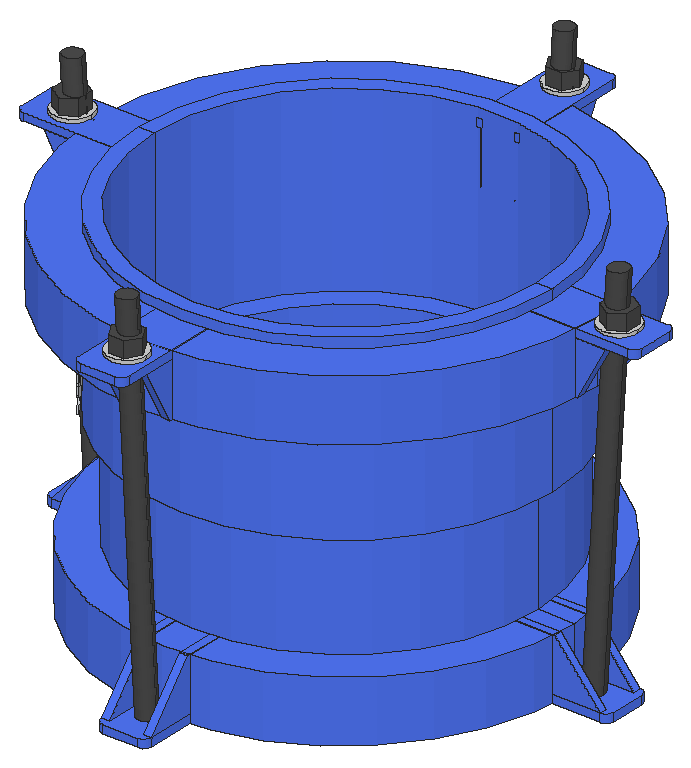
Revit family "602-1-002-DN65-200", category Pipe Accessories, Revit 2019
Family settings
  Round Connector Dimension = Use Diameter
  Part Type = Valve - Breaks Into
  Work Plane-Based = No
  Always vertical = Yes
  Cut with Voids When Loaded = No
  Shared = No
Parameters (values of type "DN200-200_193-215")
  W2(Addon) = W2 * 1.025  # 177.838 mm
  W2 = (D3 / 2) - 5 mm  # 173.5 mm
  W1 = 32 mm  # constant formula
  URL_product_pages = "https://www.avkvalves.com/P.aspx?no=6021191576100"
  Search_Table = "602-1-002-DN65-200"
  PCD/2 = PCD / 2  # 157.5 mm
  PCD(Addon) = PCD / 2 * 1.1  # 173.25 mm
  PCD = size_lookup(Search_Table, "PCD", 0 mm, DN)  # 315 mm
  L1 = size_lookup(Search_Table, "L1", 0 mm, DN)  # 140 mm
  L = size_lookup(Search_Table, "L", 0 mm, DN)  # 257 mm
  ID = DN / 2  # 100.05 mm
  F = 5 mm  # constant formula
  Description_ = "AVK UNIVERSAL SUPA® STEP COUPLING"
  DN225 = no
  DN200 = yes
  DN175 = no
  DN150 = no
  DN125 = no
  DN065 = no
  DN200-200_193-215 = "602-215-242-6100"
  DN150-200_176-201 = "602-201-242-6100"
  DN150-200_ 176-201 = "602-201-215-6100"
  DN150-150_157-183 = "602-183-201-6100"
  DN125-150_132-157 = "602-157-183-6100"
  DN100-150_109-133 = "602-133-183-6100"
  DN100-125_99-119 = "602-133-157-6100"
  DN100-125_109-113 = "602-119-157-6100"
  DN100-100_99-119 = "602-119-133-6100"
  DN100-100_84-106 = "602-106-133-6100"
  DN100 = no
  DN080-100_84-106 = "602-106-119-6100"
  DN080 = no
  DN065-80_68-85 = "602-085-106-6100"
  DN = 200.1 mm
  D4(Addon) = size_lookup(Search_Table, "D4(Addon)", 0 mm, DN) / 2  # 117.5 mm
  D3(Addon) = D3 * 1.1  # 392.7 mm
  D3 = size_lookup(Search_Table, "D3", 0 mm, DN)  # 357 mm
  D2(Addon) = size_lookup(Search_Table, "D2(Addon)", 0 mm, DN) / 2  # 131 mm
  D2 = Cut + 1 mm  # 122 mm
  D(Adddon) = D * 1.1  # 159.5 mm
  D = size_lookup(Search_Table, "D1", 0 mm, DN) / 2  # 145 mm
  Cut_4 = Cut_3 / 2  # 107.5 mm
  Cut_3 = size_lookup(Search_Table, "Cut3", 0 mm, DN)  # 215 mm
  Cut_2 = size_lookup(Search_Table, "Cut", 0 mm, DN)  # 242 mm
  Cut = size_lookup(Search_Table, "Cut", 0 mm, DN) / 2  # 121 mm
  Body_height_ref = Body_height - 12 mm  # 218 mm
  Body_height = size_lookup(Search_Table, "Body_height", 0 mm, DN)  # 230 mm
  B2 = Body_height / 2  # 115 mm
Types (13, lengths in mm): name | W2(Addon) | W2 | PCD/2 | PCD(Addon) | PCD | L1 | L | ID | DN200 | DN150 | DN125 | DN065 | DN100 | DN080 | DN | D4(Addon) | D3(Addon) | D3 | D2(Addon) | D2 | D(Adddon) | D | Cut_4 | Cut_3 | Cut_2 | Cut | Body_height_ref | Body_height | B2
  (no name) | 177.838 | 173.5 | 157.5 | 173.25 | 315 | 140 | 257 | 100.05 | yes | no | no | no | no | no | 200.1 | 117.5 | 392.7 | 357 | 131 | 122 | 159.5 | 145 | 107.5 | 215 | 242 | 121 | 218 | 230 | 115
  DN065-80_68-85 | 107.625 | 105 | 92.5 | 101.75 | 185 | 100 | 217 | 32.5 | no | no | no | yes | no | no | 65 | 52.5 | 242 | 220 | 63 | 54 | 88 | 80 | 42.5 | 85 | 106 | 53 | 178 | 190 | 95
  DN080-100_84-106 | 110.7 | 108 | 95 | 104.5 | 190 | 100 | 217 | 40 | no | no | no | no | no | yes | 80 | 63 | 248.6 | 226 | 69.5 | 60.5 | 84.7 | 77 | 53 | 106 | 119 | 59.5 | 178 | 190 | 95
  DN100-100_84-106 | 119.925 | 117 | 104 | 114.4 | 208 | 100 | 217 | 50 | no | no | no | no | yes | no | 100 | 63 | 268.4 | 244 | 76.5 | 67.5 | 102.3 | 93 | 53 | 106 | 133 | 66.5 | 183 | 195 | 97.5
  DN100-100_99-119 | 119.925 | 117 | 104 | 114.4 | 208 | 100 | 217 | 50.05 | no | no | no | no | yes | no | 100.1 | 69.5 | 268.4 | 244 | 76.5 | 67.5 | 102.3 | 93 | 59.5 | 119 | 133 | 66.5 | 183 | 195 | 97.5
  DN125-150_132-157 | 148.625 | 145 | 132.5 | 145.75 | 265 | 115 | 237 | 75.05 | no | yes | no | no | no | no | 150.1 | 88.5 | 330 | 300 | 101.5 | 92.5 | 132 | 120 | 78.5 | 157 | 183 | 91.5 | 198 | 210 | 105
  DN150-150_157-183 | 162.462 | 158.5 | 132.5 | 145.75 | 265 | 115 | 237 | 87.5 | no | yes | no | no | no | no | 175 | 101.5 | 359.7 | 327 | 110.5 | 101.5 | 134.75 | 122.5 | 91.5 | 183 | 201 | 100.5 | 198 | 210 | 105
  DN150-200_176-201 | 177.838 | 173.5 | 157.5 | 173.25 | 315 | 140 | 257 | 100 | yes | no | no | no | no | no | 200 | 110.5 | 392.7 | 357 | 131 | 122 | 159.5 | 145 | 100.5 | 201 | 242 | 121 | 218 | 230 | 115
  DN200-200_193-215 | 177.838 | 173.5 | 157.5 | 173.25 | 315 | 140 | 257 | 100.05 | yes | no | no | no | no | no | 200.1 | 117.5 | 392.7 | 357 | 131 | 122 | 159.5 | 145 | 107.5 | 215 | 242 | 121 | 218 | 230 | 115
  DN100-125_109-113 | 133.25 | 130 | 117.5 | 129.25 | 235 | 100 | 217 | 50.1 | no | no | yes | no | no | no | 100.2 | 69.5 | 297 | 270 | 88.5 | 79.5 | 102.3 | 93 | 59.5 | 119 | 157 | 78.5 | 183 | 195 | 97.5
  DN100-125_99-119 | 133.25 | 130 | 117.5 | 129.25 | 235 | 100 | 217 | 62.5 | no | no | yes | no | no | no | 125 | 76.5 | 297 | 270 | 88.5 | 79.5 | 116.6 | 106 | 66.5 | 133 | 157 | 78.5 | 183 | 195 | 97.5
  DN100-150_109-133 | 148.625 | 145 | 132.5 | 145.75 | 265 | 115 | 237 | 75 | no | yes | no | no | no | no | 150 | 76.5 | 330 | 300 | 101.5 | 92.5 | 132 | 120 | 66.5 | 133 | 183 | 91.5 | 198 | 210 | 105
  DN150-200_ 176-201 | 162.462 | 158.5 | 132.5 | 145.75 | 265 | 115 | 237 | 87.55 | no | yes | no | no | no | no | 175.1 | 110.5 | 359.7 | 327 | 117.5 | 108.5 | 134.75 | 122.5 | 100.5 | 201 | 215 | 107.5 | 198 | 210 | 105
Reference planes
  plane 1 "Center (Front/Back)": y = 0
  plane 2: z = 0
  plane 3 "Center (Left/Right)": x = 0
  plane 4: y = 196.35
  plane 5: x = -16
  plane 6: x = 16
  plane 7: y = 16
  plane 8: y = 16
  plane 9: x = 196.35
  plane 10: y = -16
  plane 11: y = -16
  plane 12: x = -16
  plane 13: y = -196.35
  plane 14: x = 16
  plane 15: x = -11
  plane 16: y = 191.35
  plane 17: x = 11
  plane 18: y = 191.35
  plane 19: x = 191.35
  plane 20: y = 11
  plane 21: y = -11
  plane 22: x = 191.35
  plane 23: x = -191.35
  plane 24: y = 11
  plane 25: y = -11
  plane 26: x = -191.35
  plane 27: y = -191.35
  plane 28: x = 11
  plane 29: x = -11
  plane 30: y = -191.35
  plane 31: x = -196.35
  plane 32: y = -16
  plane 33: y = 16
  plane 34: x = 16
  plane 35: x = -16
  plane 36: x = 157.5
  plane 37: x = -157.5
  plane 38: y = 157.5
  plane 39: y = -157.5
  plane 40: z = 109
  plane 41: z = -109
  plane 42: z = -115
  plane 43: z = 142
  plane 44: y = -160
  plane 45: z = 121
  plane 46: x = -16
  plane 47: x = 16
  plane 48: y = 16
  plane 49: y = -16
  plane 50: x = -173.5
  plane 51: x = -173.5
  plane 52: y = 173.5
  plane 53: y = 173.5
  plane 54: y = -173.5
  plane 55: y = -173.5
  plane 56: x = 173.5
  plane 57: x = 173.5
  plane 58: y = 178.5
  plane 59: y = -178.5
  plane 60: x = 178.5
  plane 61: x = -178.5
  plane 62: x = -11
  plane 63: x = 11
  plane 64: x = -11
  plane 65: x = 11
  plane 66: y = 11
  plane 67: y = -11
  plane 68: y = 11
  plane 69: y = -11
  plane 70: x = -101.75
  plane 71: x = -92.08
  plane 72: x = -126.587
  plane 73: x = -173.25
  plane 74: x = -169.63
Forms (mm)
  Revolve 1, solid, material "Plastic"
    sketch origin (0, 0, 0) x (1, 0, 0) y (0, 0, 1)
      loop
        line (0, 115) -> (0, -115) -> (117.5, -115) -> (117.5, -109) -> (145, -109) -> (145, -70) -> (122, -70) -> (122, 0) -> (131, 0) -> (131, 70) -> (159.5, 70) -> (159.5, 109) -> (131, 109) -> (131, 115) -> (0, 115)
      axis (0, -115) -> (0, 115)
    angle from 0 to 360
  Extrusion 2, solid, material "Plastic"
    sketch origin (0, 0, 0) x (1, 0, 0) y (0, 1, 0)
      loop
        arc (-11, 196.35) -> (-14.536, 194.886) -> (-16, 191.35) r 5
        line (-16, 191.35) -> (-16, 16) -> (-191.35, 16)
        arc (-191.35, 16) -> (-194.886, 14.536) -> (-196.35, 11) r 5
        line (-196.35, 11) -> (-196.35, -11)
        arc (-196.35, -11) -> (-194.886, -14.536) -> (-191.35, -16) r 5
        line (-191.35, -16) -> (-16, -16) -> (-16, -191.35)
        arc (-16, -191.35) -> (-14.536, -194.886) -> (-11, -196.35) r 5
        line (-11, -196.35) -> (11, -196.35)
        arc (11, -196.35) -> (14.536, -194.886) -> (16, -191.35) r 5
        line (16, -191.35) -> (16, -16) -> (191.35, -16)
        arc (191.35, -16) -> (194.886, -14.536) -> (196.35, -11) r 5
        line (196.35, -11) -> (196.35, 11)
        arc (196.35, 11) -> (194.886, 14.536) -> (191.35, 16) r 5
        line (191.35, 16) -> (16, 16) -> (16, 191.35)
        arc (16, 191.35) -> (14.536, 194.886) -> (11, 196.35) r 5
        line (11, 196.35) -> (-11, 196.35)
    from 104 to 109
  Extrusion 3, solid, material "Plastic"
    sketch origin (0, 0, 0) x (1, 0, 0) y (0, 1, 0)
      loop
        line (16, 16) -> (16, 173.5)
        arc (16, 173.5) -> (14.536, 177.036) -> (11, 178.5) r 5
        line (11, 178.5) -> (-11, 178.5)
        arc (-11, 178.5) -> (-14.536, 177.036) -> (-16, 173.5) r 5
        line (-16, 173.5) -> (-16, 16) -> (-173.5, 16)
        arc (-173.5, 16) -> (-177.036, 14.536) -> (-178.5, 11) r 5
        line (-178.5, 11) -> (-178.5, -11)
        arc (-178.5, -11) -> (-177.036, -14.536) -> (-173.5, -16) r 5
        line (-173.5, -16) -> (-16, -16) -> (-16, -173.5)
        arc (-16, -173.5) -> (-14.536, -177.036) -> (-11, -178.5) r 5
        line (-11, -178.5) -> (11, -178.5)
        arc (11, -178.5) -> (14.536, -177.036) -> (16, -173.5) r 5
        line (16, -173.5) -> (16, -16) -> (173.5, -16)
        arc (173.5, -16) -> (177.036, -14.536) -> (178.5, -11) r 5
        line (178.5, -11) -> (178.5, 11)
        arc (178.5, 11) -> (177.036, 14.536) -> (173.5, 16) r 5
        line (173.5, 16) -> (16, 16)
    from -109 to -104
  Extrusion 4, solid, material "Plastic"
    sketch origin (0, 0, 0) x (1, 0, 0) y (0, 0, 1)
      loop
        line (-177.838, 104) -> (-159.5, 70) -> (159.5, 70) -> (177.838, 104) -> (-177.838, 104)
      loop
        line (-173.5, -104) -> (173.5, -104) -> (145, -70) -> (-145, -70) -> (-173.5, -104)
    from 11 to 16
  Extrusion 5, solid, material "Plastic"
    sketch origin (0, 0, 0) x (1, 0, 0) y (0, 0, 1)
      loop
        line (-177.838, 104) -> (-159.5, 70) -> (159.5, 70) -> (177.838, 104) -> (-177.838, 104)
      loop
        line (145, -70) -> (-145, -70) -> (-173.5, -104) -> (173.5, -104) -> (145, -70)
    from -16 to -11
  Extrusion 6, solid, material "Plastic"
    sketch origin (0, 0, 0) x (0, 1, 0) y (0, 0, 1)
      loop
        line (145, -70) -> (-145, -70) -> (-173.5, -104) -> (173.5, -104) -> (145, -70)
      loop
        line (177.838, 104) -> (-177.838, 104) -> (-159.5, 70) -> (159.5, 70) -> (177.838, 104)
    from 16 to 11
  Extrusion 7, solid, material "Plastic"
    sketch origin (0, 0, 0) x (0, 1, 0) y (0, 0, 1)
      loop
        line (177.838, 104) -> (-177.838, 104) -> (-159.5, 70) -> (159.5, 70) -> (177.838, 104)
      loop
        line (173.5, -104) -> (145, -70) -> (-145, -70) -> (-173.5, -104) -> (173.5, -104)
    from -16 to -11
  Extrusion 8, solid, material "Stainless Steel AISI 304(1)"
    sketch origin (0, 0, 0) x (1, 0, 0) y (0, 1, 0)
      loop
        circle (-173.25, 0) r 12
      loop
        circle (173.25, 0) r 12
      loop
        circle (0, 173.25) r 12
      loop
        circle (0, -173.25) r 12
    from 109 to 111
  Revolve 9, solid, material "Stainless Steel AISI 304"
    sketch origin (0, 0, 0) x (1, 0, 0) y (0, 0, 1)
      loop
        line (157.5, -109) -> (157.5, -115)
        arc (157.5, -115) -> (165.585, -113.461) -> (172.5, -109) r 21.517
        line (172.5, -109) -> (157.5, -109)
      axis (157.5, -115) -> (157.5, -109)
    angle from 0 to 360
  Revolve 10, solid, material "Stainless Steel AISI 304"
    sketch origin (0, 0, 0) x (-1, 0, 0) y (0, 0, 1)
      loop
        line (157.5, -109) -> (157.5, -115)
        arc (157.5, -115) -> (165.585, -113.461) -> (172.5, -109) r 21.517
        line (172.5, -109) -> (157.5, -109)
      axis (157.5, -115) -> (157.5, -109)
    angle from 0 to 360
  Revolve 11, solid, material "Stainless Steel AISI 304"
    sketch origin (0, 0, 0) x (0, 1, 0) y (0, 0, 1)
      loop
        line (-157.5, -109) -> (-172.5, -109)
        arc (-172.5, -109) -> (-165.616, -113.539) -> (-157.5, -115) r 20.511
        line (-157.5, -115) -> (-157.5, -109)
      axis (-157.5, -115) -> (-157.5, -109)
    angle from 0 to 360
  Revolve 12, solid, material "Stainless Steel AISI 304"
    sketch origin (0, 0, 0) x (0, -1, 0) y (0, 0, 1)
      loop
        line (-157.5, -109) -> (-172.5, -109)
        arc (-172.5, -109) -> (-165.616, -113.539) -> (-157.5, -115) r 20.511
        line (-157.5, -115) -> (-157.5, -109)
      axis (-157.5, -115) -> (-157.5, -109)
    angle from 0 to 360
  Revolve 13, void
    sketch origin (0, 0, 0) x (1, 0, 0) y (0, 0, 1)
      loop
        line (0, 115) -> (0, -115) -> (121, -115) -> (121, 115) -> (0, 115)
      axis (0, -115) -> (0, 115)
    angle from 0 to 360
  Blend 14, solid, material "Stainless Steel AISI 304"
    base sketch origin (0, 0, 0) x (1, 0, 0) y (0, 1, 0)
      loop
        circle (0, 173.25) r 6
    top sketch origin (0, 0, 0) x (1, 0, 0) y (0, 1, 0)
      loop
        circle (0, 157.5) r 6
    from 142 to -104
  Blend 15, solid, material "Stainless Steel AISI 304"
    base sketch origin (0, 0, 0) x (1, 0, 0) y (0, 1, 0)
      loop
        circle (173.25, 0) r 6
    top sketch origin (0, 0, 0) x (1, 0, 0) y (0, 1, 0)
      loop
        circle (157.5, 0) r 6
    from 142 to -104
  Blend 16, solid, material "Stainless Steel AISI 304"
    base sketch origin (0, 0, 0) x (1, 0, 0) y (0, 1, 0)
      loop
        circle (-173.25, 0) r 6
    top sketch origin (0, 0, 0) x (1, 0, 0) y (0, 1, 0)
      loop
        circle (-157.5, 0) r 6
    from 142 to -104
  Blend 17, solid, material "Stainless Steel AISI 304"
    base sketch origin (0, 0, 0) x (1, 0, 0) y (0, 1, 0)
      loop
        circle (0, -173.25) r 6
    top sketch origin (0, 0, 0) x (1, 0, 0) y (0, 1, 0)
      loop
        circle (0, -157.5) r 6
    from 142 to -104
  Revolve 18, void
    sketch origin (0, 0, 0) x (1, 0, 0) y (0, 0, 1)
      loop
        line (0, 115) -> (0, -115) -> (107.5, -115) -> (107.5, 0) -> (121, 0) -> (121, 115) -> (0, 115)
      axis (0, -115) -> (0, 115)
    angle from 0 to 360
Cuts and joins
  Revolve 13 cuts Extrusion 2
  Revolve 13 cuts Extrusion 3
  Revolve 13 cuts Extrusion 4
  Revolve 13 cuts Extrusion 5
  Revolve 13 cuts Extrusion 6
  Revolve 13 cuts Extrusion 7
  Revolve 18 cuts Revolve 1
Dimensions and locks
  "L1": Revolve 1 sketch curve to Revolve 1 sketch curve
  locked: plane 17 to plane 6 at 5
  locked: plane 4 to plane 18 at 5
  locked: plane 5 to plane 15 at 5
  locked: plane 4 to plane 16 at 5
  locked: plane 19 to plane 9 at 5
  locked: plane 8 to plane 20 at 5
  locked: plane 21 to plane 10 at 5
  locked: plane 22 to plane 9 at 5
  locked: plane 31 to plane 23 at 5
  locked: plane 7 to plane 24 at 5
  locked: plane 25 to plane 11 at 5
  locked: plane 31 to plane 26 at 5
  locked: plane 30 to plane 13 at 5
  locked: plane 27 to plane 13 at 5
  locked: plane 12 to plane 29 at 5
  locked: plane 28 to plane 14 at 5
  equal spacing: plane 5, plane 3 "Center (Left/Right)", plane 6
  equal spacing: plane 7, plane 1 "Center (Front/Back)", plane 11
  equal spacing: plane 8, plane 1 "Center (Front/Back)", plane 10
  equal spacing: plane 12, plane 3 "Center (Left/Right)", plane 14
  "W1": plane 5 to plane 6
  "W1": plane 8 to plane 10
  "W1": plane 12 to plane 14
  "W1": plane 7 to plane 11
  equal spacing: plane 4, plane 1 "Center (Front/Back)", plane 13
  equal spacing: plane 31, plane 3 "Center (Left/Right)", plane 9
  "D3(Addon)": plane 31 to plane 9
  "D3(Addon)": plane 4 to plane 13
  equal spacing: plane 36, plane 3 "Center (Left/Right)", plane 37
  equal spacing: plane 38, plane 1 "Center (Front/Back)", plane 39
  locked: Revolve 1 sketch curve to Revolve 1 sketch curve at 6  (x2)
  equal spacing: Revolve 1 sketch curve, level, Revolve 1 sketch curve
  "Body_height": Revolve 1 sketch curve to Revolve 1 sketch curve
  equal spacing: plane 40, level, plane 41
  "Body_height_ref": plane 40 to plane 41
  "F": Extrusion 3 to plane 41
  "F": plane 40 to Extrusion 2
  equal spacing: Extrusion 4 sketch curve, plane 3 "Center (Left/Right)", Extrusion 4 sketch curve  (x4)
  "W2(Addon)": Extrusion 4 sketch curve to plane 3 "Center (Left/Right)"
  "D(Adddon)": Extrusion 4 sketch curve to plane 3 "Center (Left/Right)"
  "W2": Extrusion 4 sketch curve to plane 3 "Center (Left/Right)"
  "D": Extrusion 4 sketch curve to plane 3 "Center (Left/Right)"
  "F": Extrusion 4 to plane 32
  "F": plane 33 to Extrusion 5
  equal spacing: Extrusion 6 sketch curve, plane 1 "Center (Front/Back)", Extrusion 6 sketch curve  (x4)
  "W2": Extrusion 6 sketch curve to plane 1 "Center (Front/Back)"
  "D": Extrusion 6 sketch curve to plane 1 "Center (Front/Back)"
  "F": plane 34 to Extrusion 6
  equal spacing: Extrusion 7 sketch curve, plane 1 "Center (Front/Back)", Extrusion 7 sketch curve  (x4)
  "W2(Addon)": plane 1 "Center (Front/Back)" to Extrusion 7 sketch curve
  "D(Adddon)": plane 1 "Center (Front/Back)" to Extrusion 7 sketch curve
  "W2": plane 1 "Center (Front/Back)" to Extrusion 7 sketch curve
  "D": plane 1 "Center (Front/Back)" to Extrusion 7 sketch curve
  "F": Extrusion 7 to plane 35
  "B2": level to plane 42
  "L": plane 43 to plane 42
  equal spacing: Extrusion 8 sketch curve, plane 3 "Center (Left/Right)", Extrusion 8 sketch curve
  equal spacing: Extrusion 8 sketch curve, plane 1 "Center (Front/Back)", Extrusion 8 sketch curve
  locked: Extrusion 8 to plane 40 at 2
  "Cut": Revolve 13 sketch curve to Revolve 13 sketch curve
  equal spacing: Revolve 1 sketch curve, Revolve 1 sketch curve, Revolve 1 sketch curve
  "D": Extrusion 5 sketch curve to plane 3 "Center (Left/Right)"
  "W2": Extrusion 5 sketch curve to plane 3 "Center (Left/Right)"
  equal spacing: Extrusion 5 sketch curve, plane 3 "Center (Left/Right)", Extrusion 5 sketch curve  (x4)
  equal spacing: cut or joined group of Extrusion 2, Revolve 13, plane 1 "Center (Front/Back)", cut or joined group of Extrusion 2, Revolve 13
  cut or joined group of Extrusion 2, Revolve 13 to cut or joined group of Extrusion 2, Revolve 13 = 392.7 mm
  "PCD(Addon)": plane 1 "Center (Front/Back)" to Blend 14 sketch curve
  "PCD/2": plane 1 "Center (Front/Back)" to Blend 14 sketch curve
  "PCD(Addon)": plane 3 "Center (Left/Right)" to Blend 15 sketch curve
  "PCD/2": plane 3 "Center (Left/Right)" to Blend 15 sketch curve
  "PCD(Addon)": Blend 16 sketch curve to plane 3 "Center (Left/Right)"
  "PCD/2": Blend 16 sketch curve to plane 3 "Center (Left/Right)"
  "PCD(Addon)": Blend 17 sketch curve to plane 1 "Center (Front/Back)"
  "PCD/2": Blend 17 sketch curve to plane 1 "Center (Front/Back)"
  "PCD/2": plane 36 to plane 3 "Center (Left/Right)"
  "PCD/2": plane 1 "Center (Front/Back)" to plane 39
  plane 45 to plane 40 = 12 mm
  "D(Adddon)": Revolve 1 sketch curve to plane 3 "Center (Left/Right)"
  "D2(Addon)": Revolve 1 sketch curve to plane 3 "Center (Left/Right)"
  "D2": Revolve 1 sketch curve to plane 3 "Center (Left/Right)"
  "D": Revolve 1 sketch curve to plane 3 "Center (Left/Right)"
  "W2(Addon)": Extrusion 5 sketch curve to plane 3 "Center (Left/Right)"
  "D(Adddon)": Extrusion 5 sketch curve to plane 3 "Center (Left/Right)"
  "PCD(Addon)": plane 3 "Center (Left/Right)" to Extrusion 8 sketch curve
  "PCD(Addon)": plane 1 "Center (Front/Back)" to Extrusion 8 sketch curve
  equal spacing: plane 46, plane 3 "Center (Left/Right)", plane 47  (x2)
  "W1": plane 46 to plane 47
  locked: plane 63 to plane 47 at 5
  locked: plane 46 to plane 62 at 5
  locked: plane 52 to plane 58 at 5
  locked: plane 53 to plane 58 at 5
  equal spacing: plane 49, plane 1 "Center (Front/Back)", plane 48  (x2)
  "W1": plane 49 to plane 48
  locked: plane 68 to plane 48 at 5
  locked: plane 69 to plane 49 at 5
  locked: plane 56 to plane 60 at 5
  locked: plane 57 to plane 60 at 5
  plane 46 to plane 47 = 32 mm
  locked: plane 65 to plane 47 at 5
  locked: plane 46 to plane 64 at 5
  locked: plane 54 to plane 59 at 5
  locked: plane 59 to plane 55 at 5
  plane 49 to plane 48 = 32 mm
  locked: plane 66 to plane 48 at 5
  locked: plane 67 to plane 49 at 5
  locked: plane 61 to plane 50 at 5
  locked: plane 61 to plane 51 at 5
  equal spacing: plane 59, plane 1 "Center (Front/Back)", plane 58
  "D3": plane 59 to plane 58
  equal spacing: plane 61, plane 3 "Center (Left/Right)", plane 60
  "D3": plane 61 to plane 60
  "W2(Addon)": plane 1 "Center (Front/Back)" to Extrusion 6 sketch curve
  "D(Adddon)": plane 1 "Center (Front/Back)" to Extrusion 6 sketch curve
  Revolve 1 to Revolve 1 = 140 mm
  "Cut": Revolve 18 sketch curve to plane 3 "Center (Left/Right)"
  "Cut_4": Revolve 18 sketch curve to plane 3 "Center (Left/Right)"
  "D4(Addon)": Revolve 1 sketch curve to Revolve 1 sketch curve
  aligned and locked: level to plane 2
  aligned and locked: Revolve 1 sketch curve to plane 3 "Center (Left/Right)"
  aligned and locked: Revolve 1 sketch curve to Revolve 1 sketch curve  (x2)
  aligned and locked: plane 4 to Extrusion 2 sketch curve  (x2)
  aligned and locked: Extrusion 2 sketch curve to plane 15
  aligned and locked: plane 16 to Extrusion 2 sketch curve
  aligned and locked: plane 5 to Extrusion 2 sketch curve  (x2)
  aligned and locked: Extrusion 2 sketch curve to plane 17
  aligned and locked: Extrusion 2 sketch curve to plane 18
  aligned and locked: plane 6 to Extrusion 2 sketch curve  (x2)
  aligned and locked: Extrusion 2 sketch curve to plane 20
  aligned and locked: plane 9 to Extrusion 2 sketch curve  (x2)
  aligned and locked: Extrusion 2 sketch curve to plane 8
  aligned and locked: plane 19 to Extrusion 2 sketch curve
  aligned and locked: Extrusion 2 sketch curve to plane 21
  aligned and locked: Extrusion 2 sketch curve to plane 10
  aligned and locked: plane 22 to Extrusion 2 sketch curve
  aligned and locked: Extrusion 2 sketch curve to plane 14
  aligned and locked: plane 27 to Extrusion 2 sketch curve
  aligned and locked: plane 13 to Extrusion 2 sketch curve  (x2)
  aligned and locked: plane 28 to Extrusion 2 sketch curve
  aligned and locked: plane 29 to Extrusion 2 sketch curve
  aligned and locked: Extrusion 2 sketch curve to plane 30
  aligned and locked: Extrusion 2 sketch curve to plane 12
  aligned and locked: plane 7 to Extrusion 2 sketch curve  (x2)
  aligned and locked: plane 23 to Extrusion 2 sketch curve
  aligned and locked: plane 24 to Extrusion 2 sketch curve
  aligned and locked: plane 31 to Extrusion 2 sketch curve  (x2)
  aligned and locked: Extrusion 2 sketch curve to plane 25
  aligned and locked: plane 11 to Extrusion 2 sketch curve  (x2)
  aligned and locked: plane 26 to Extrusion 2 sketch curve
  aligned and locked: plane 12 to Extrusion 2 sketch curve
  aligned and locked: plane 14 to Extrusion 2 sketch curve
  aligned and locked: plane 10 to Extrusion 2 sketch curve
  aligned and locked: plane 8 to Extrusion 2 sketch curve
  aligned and locked: Extrusion 2 to plane 40
  aligned and locked: plane 41 to Extrusion 3
  aligned and locked: Extrusion 4 sketch curve to Extrusion 2
  aligned and locked: Extrusion 4 sketch curve to Revolve 1  (x2)
  aligned and locked: Extrusion 4 to Extrusion 2
  aligned and locked: Revolve 1 to Extrusion 5 sketch curve  (x2)
  aligned and locked: Extrusion 4 to Extrusion 5 sketch curve
  aligned and locked: Extrusion 5 sketch curve to Extrusion 4
  aligned and locked: Extrusion 2 to Extrusion 5
  aligned and locked: Extrusion 6 sketch curve to Revolve 1
  aligned and locked: Extrusion 2 to Extrusion 6
  aligned and locked: Extrusion 2 to Extrusion 7 sketch curve
  aligned and locked: Extrusion 7 sketch curve to Revolve 1  (x2)
  aligned and locked: Extrusion 2 to Extrusion 7
  aligned and locked: Extrusion 8 to Revolve 1
  aligned and locked: plane 36 to Revolve 9 sketch curve
  aligned and locked: Revolve 9 sketch curve to Revolve 9 sketch curve
  aligned and locked: Revolve 10 sketch curve to Revolve 10 sketch curve
  aligned and locked: plane 37 to Revolve 10 sketch curve
  aligned and locked: plane 39 to Revolve 11 sketch curve
  aligned and locked: Revolve 11 sketch curve to Revolve 11 sketch curve
  aligned and locked: Revolve 12 sketch curve to Revolve 12 sketch curve
  aligned and locked: Revolve 12 sketch curve to plane 38
  aligned and locked: plane 3 "Center (Left/Right)" to Revolve 13 sketch curve
  aligned and locked: Revolve 13 sketch curve to Revolve 13 sketch curve
  aligned and locked: Blend 14 to cut or joined group of Extrusion 3, Revolve 13
  aligned and locked: plane 43 to Blend 14
  aligned and locked: Blend 15 to cut or joined group of Extrusion 3, Revolve 13
  aligned and locked: plane 43 to Blend 15
  aligned and locked: Blend 16 to cut or joined group of Extrusion 3, Revolve 13
  aligned and locked: plane 43 to Blend 16
  aligned and locked: Blend 17 to cut or joined group of Extrusion 3, Revolve 13
  aligned and locked: plane 43 to Blend 17
  aligned and locked: Extrusion 3 sketch curve to plane 46
  aligned and locked: plane 53 to Extrusion 3 sketch curve
  aligned and locked: plane 58 to Extrusion 3 sketch curve  (x2)
  aligned and locked: Extrusion 3 sketch curve to plane 62
  aligned and locked: plane 63 to Extrusion 3 sketch curve
  aligned and locked: plane 47 to Extrusion 3 sketch curve
  aligned and locked: plane 52 to Extrusion 3 sketch curve
  aligned and locked: plane 48 to Extrusion 3 sketch curve
  aligned and locked: plane 56 to Extrusion 3 sketch curve
  aligned and locked: plane 68 to Extrusion 3 sketch curve
  aligned and locked: plane 60 to Extrusion 3 sketch curve  (x2)
  aligned and locked: Extrusion 3 sketch curve to plane 69
  aligned and locked: plane 57 to Extrusion 3 sketch curve
  aligned and locked: Extrusion 3 sketch curve to plane 49
  aligned and locked: plane 54 to Extrusion 3 sketch curve
  aligned and locked: Extrusion 3 sketch curve to plane 47
  aligned and locked: plane 59 to Extrusion 3 sketch curve
  aligned and locked: Extrusion 3 sketch curve to plane 65
  aligned and locked: plane 64 to Extrusion 3 sketch curve
  aligned and locked: plane 55 to Extrusion 3 sketch curve
  aligned and locked: plane 46 to Extrusion 3 sketch curve
  aligned and locked: Extrusion 3 sketch curve to plane 48
  aligned and locked: plane 50 to Extrusion 3 sketch curve
  aligned and locked: plane 61 to Extrusion 3 sketch curve  (x2)
  aligned and locked: Extrusion 3 sketch curve to plane 66
  aligned and locked: plane 67 to Extrusion 3 sketch curve
  aligned and locked: plane 49 to Extrusion 3 sketch curve
  aligned and locked: plane 51 to Extrusion 3 sketch curve
  aligned and locked: Extrusion 6 sketch curve to cut or joined group of Extrusion 7, Revolve 13
  aligned and locked: Revolve 1 to Extrusion 6 sketch curve
  aligned and locked: Revolve 10 sketch curve to cut or joined group of Extrusion 3, Revolve 13
  aligned and locked: cut or joined group of Extrusion 3, Revolve 13 to Revolve 9 sketch curve
  aligned and locked: cut or joined group of Extrusion 3, Revolve 13 to Revolve 11 sketch curve
  aligned and locked: Revolve 12 sketch curve to cut or joined group of Extrusion 3, Revolve 13
  aligned and locked: Revolve 18 sketch curve to nested 6
  aligned and locked: Revolve 1 to Revolve 18 sketch curve
  aligned and locked: Revolve 18 sketch curve to Revolve 1
  aligned and locked: Revolve 18 sketch curve to Revolve 18 sketch curve
  aligned and locked: Revolve 13 sketch curve to cut or joined group of Revolve 1, Revolve 18
Automatic sketch dimensions
  Revolve 9 sketch curve to plane 42 = 0 mm
  plane 36 to Revolve 9 sketch curve = 0.093 mm
  Revolve 9 sketch curve to Revolve 9 sketch curve = 15 mm
  Revolve 9 sketch curve to Revolve 9 sketch curve = 1.27 mm
  plane 41 to Revolve 9 sketch curve = 1.568 mm
  Revolve 10 sketch curve to plane 42 = 0 mm
  plane 37 to Revolve 10 sketch curve = 0.093 mm
  plane 37 to Revolve 10 sketch curve = 15 mm
  Revolve 10 sketch curve to plane 42 = 1.27 mm
  Revolve 10 sketch curve to Revolve 10 sketch curve = 1.568 mm
  Revolve 11 sketch curve to plane 42 = 0 mm
  plane 39 to Revolve 11 sketch curve = 0.498 mm
  plane 39 to Revolve 11 sketch curve = 15 mm
  Revolve 11 sketch curve to Revolve 11 sketch curve = 1.978 mm
  plane 41 to Revolve 11 sketch curve = 1.625 mm
  Revolve 12 sketch curve to plane 42 = 0 mm
  plane 38 to Revolve 12 sketch curve = 0.498 mm
  plane 38 to Revolve 12 sketch curve = 15 mm
  Revolve 12 sketch curve to plane 42 = 1.978 mm
  Revolve 12 sketch curve to plane 41 = 1.625 mm
  Revolve 1 sketch curve to level = 0 mm
  Revolve 1 sketch curve to level = 22 mm
  level to Revolve 1 sketch curve = 38 mm
  Extrusion 4 sketch curve to plane 41 = 5 mm
  Extrusion 6 sketch curve to plane 41 = 5 mm
  Extrusion 7 sketch curve to plane 41 = 5 mm
  Extrusion 8 sketch curve to plane 3 "Center (Left/Right)" = 0 mm  (x2)
  plane 1 "Center (Front/Back)" to Extrusion 8 sketch curve = 0 mm  (x2)
  Revolve 13 sketch curve to plane 42 = 0 mm
  Revolve 13 sketch curve to level = 13.5 mm
  level to Revolve 13 sketch curve = 21.5 mm
  Blend 14 sketch curve to plane 3 "Center (Left/Right)" = 0 mm  (x2)
  plane 1 "Center (Front/Back)" to Blend 15 sketch curve = 0 mm  (x2)
  plane 1 "Center (Front/Back)" to Blend 16 sketch curve = 0 mm  (x2)
  Blend 17 sketch curve to plane 3 "Center (Left/Right)" = 0 mm  (x2)
  Revolve 18 sketch curve to level = 0 mm
  Revolve 18 sketch curve to level = 30 mm
  level to Revolve 18 sketch curve = 10 mm
  radius of Extrusion 8 sketch curve = 12 mm  (x4)
  radius of Blend 14 sketch curve = 6 mm  (x2)
  radius of Blend 15 sketch curve = 6 mm  (x2)
  radius of Blend 16 sketch curve = 6 mm  (x2)
  radius of Blend 17 sketch curve = 6 mm  (x2)
Nested families
  nested 1: "PCD 185" at (-0.436, -0.051, 91), visible <- "DN065", type "PCD 185"
    with DN65 no
  nested 2: "PCD 190" at (0, 0, 91), type "PCD 190"
    with DN65 no
  nested 3: "PCD 208" at (0, 0, 93.5), type "PCD 208"
    with DN65 no
  nested 4: "PCD 235" at (0, 0, 93.5), type "PCD 235"
    with DN65 no
  nested 5: "PCD 265" at (0, 0, 101), type "PCD 265"
    with DN65 no
  nested 6: "PCD 315" at (0, 0, 111), type "PCD 315"
  nested 7: "LOGO - Copy - Copy - Copy - Copy" at (-106.99, -75.591, -5) x (0.577, -0.8167, 0) z (-0.8167, -0.577, 0), type "LOGO - Copy - Copy - Copy - Copy"
Connectors
  piping at (0, 0, 115), diameter 242, driven by "Cut_2"
    settings: on Revolve 1, index 1, connector inside diameter 609.6 mm, connector length 0 mm, flow factor 0, pipe flow 0.0 L/s, pressure drop 0.0 Pa, fitting loss kfactor 0, connector angle 0.00°, fixture units 0, engagement length 0 mm, angle of deflection 0.00°, flow configuration 0, flow direction 0, fitting loss method 0, system type 7, joint type 0, gender type 0, connector reference index -1, connector utility 0, adjustable connector no, is connector primary yes, connector description ""
  piping at (0, 0, -115), diameter 215, driven by "Cut_3"
    settings: on Revolve 1, index 2, connector inside diameter 609.6 mm, connector length 0 mm, flow factor 0, pipe flow 0.0 L/s, pressure drop 0.0 Pa, fitting loss kfactor 0, connector angle 0.00°, fixture units 0, engagement length 0 mm, angle of deflection 0.00°, flow configuration 0, flow direction 0, fitting loss method 0, system type 7, joint type 0, gender type 0, connector reference index -1, connector utility 0, adjustable connector no, is connector primary no, connector description ""
Definition of nested family "PCD 315"
  Parameters (values of type "PCD 315")
    DN65 = yes
    DN = 65 mm
  Reference planes
    plane 1 "Center (Front/Back)": y = 0
    plane 2: z = 0
    plane 3 "Center (Left/Right)": x = 0
  Forms (mm)
    Extrusion 1, solid, visible <- "DN65"
      sketch origin (0, 0, 0) x (1, 0, 0) y (0, 1, 0)
        loop
          line (173.645, 10) -> (164.984, 5) -> (164.984, -5) -> (173.645, -10) -> (182.305, -5) -> (182.305, 5) -> (173.645, 10)
        loop
          line (10, -173.181) -> (5, -164.521) -> (-5, -164.521) -> (-10, -173.181) -> (-5, -181.841) -> (5, -181.841) -> (10, -173.181)
        loop
          line (-173.645, 10) -> (-182.305, 5) -> (-182.305, -5) -> (-173.645, -10) -> (-164.984, -5) -> (-164.984, 5) -> (-173.645, 10)
        loop
          line (10, 173.181) -> (5, 181.841) -> (-5, 181.841) -> (-10, 173.181) -> (-5, 164.521) -> (5, 164.521) -> (10, 173.181)
      from 0 to 10
  Dimensions and locks
    aligned and locked: level to plane 2
Definition of nested family "LOGO - Copy - Copy - Copy - Copy"
  Parameters (values of type "LOGO - Copy - Copy - Copy - Copy")
    Default Elevation = 1219.2 mm
  Reference planes
    plane 1 "Center (Front/Back)": y = 0
    plane 2: z = 0
    plane 3 "Center (Left/Right)": x = 0
  Forms (mm)
    Extrusion 1, solid
      sketch origin (0, 0, 0) x (1, 0, 0) y (0, 1, 0)
        loop
          line (-1219.2, 1219.2) -> (-1219.2, -1219.2) -> (1219.2, -1219.2) -> (1219.2, 1219.2) -> (-1219.2, 1219.2)
      from 0 to -304.8
    Extrusion 2, solid
      sketch origin (0, 0, 0) x (1, 0, 0) y (0, 1, 0)
        loop
          line (-6.514, 34.224) -> (-24, 34.224) -> (-24, 29.481) -> (-9.766, 29.481) -> (-2.391, 11.367) -> (2.391, 11.367) -> (9.766, 29.481) -> (24, 29.481) -> (24, 34.224) -> (6.514, 34.224) -> (0, 18.224) -> (-6.514, 34.224)
        loop
          line (-10.996, 27.653) -> (-24, 27.653) -> (-24, 23.081) -> (-19.503, 23.081) -> (-24, 11.367) -> (-18.92, 11.367) -> (-17.955, 13.881) -> (-10.51, 13.881) -> (-9.486, 11.367) -> (-4.365, 11.367) -> (-10.996, 27.653)
        loop
          line (-16.777, 18.224) -> (-12.278, 18.224) -> (-14.594, 23.912) -> (-16.777, 18.224)
        loop
          line (4.365, 11.367) -> (9.486, 11.367) -> (12.093, 17.77) -> (16.918, 11.367) -> (22.857, 11.367) -> (17.399, 18.61)
          arc (17.399, 18.61) -> (20.583, 20.18) -> (22.629, 23.081) r 7.2
          line (22.629, 23.081) -> (24, 23.081) -> (24, 27.653) -> (19.429, 27.653)
          arc (19.429, 27.653) -> (17.763, 23.526) -> (13.699, 21.714) r 5.943
          line (13.699, 21.714) -> (16.117, 27.653) -> (10.996, 27.653) -> (4.365, 11.367)
      from 0 to 1
  Dimensions and locks
    aligned and locked: plane 2 to Extrusion 1
    aligned and locked: level to Extrusion 1
    aligned and locked: Extrusion 2 sketch curve to import instance
Definition of nested family "PCD 185"
  Parameters (values of type "PCD 185")
    DN65 = yes
    DN = 65 mm
  Reference planes
    plane 1 "Center (Front/Back)": y = 0
    plane 2: z = 0
    plane 3 "Center (Left/Right)": x = 0
  Forms (mm)
    Extrusion 1, solid, visible <- "DN65"
      sketch origin (0, 0, 0) x (1, 0, 0) y (0, 1, 0)
        loop
          line (10, 102.149) -> (5, 110.81) -> (-5, 110.81) -> (-10, 102.149) -> (-5, 93.489) -> (5, 93.489) -> (10, 102.149)
        loop
          line (101.66, 10) -> (93, 5) -> (93, -5) -> (101.66, -10) -> (110.321, -5) -> (110.321, 5) -> (101.66, 10)
        loop
          line (-101.66, 10) -> (-110.321, 5) -> (-110.321, -5) -> (-101.66, -10) -> (-93, -5) -> (-93, 5) -> (-101.66, 10)
        loop
          line (10, -102.149) -> (5, -93.489) -> (-5, -93.489) -> (-10, -102.149) -> (-5, -110.81) -> (5, -110.81) -> (10, -102.149)
      from 0 to 10
  Dimensions and locks
    aligned and locked: level to plane 2
Definition of nested family "PCD 190"
  Parameters (values of type "PCD 190")
    DN65 = yes
    DN = 65 mm
  Reference planes
    plane 1 "Center (Front/Back)": y = 0
    plane 2: z = 0
    plane 3 "Center (Left/Right)": x = 0
  Forms (mm)
    Extrusion 1, solid, visible <- "DN65"
      sketch origin (0, 0, 0) x (1, 0, 0) y (0, 1, 0)
        loop
          line (10, 104.621) -> (5, 113.282) -> (-5, 113.282) -> (-10, 104.621) -> (-5, 95.961) -> (5, 95.961) -> (10, 104.621)
        loop
          line (104.112, 10) -> (95.452, 5) -> (95.452, -5) -> (104.112, -10) -> (112.772, -5) -> (112.772, 5) -> (104.112, 10)
        loop
          line (-104.112, 10) -> (-112.772, 5) -> (-112.772, -5) -> (-104.112, -10) -> (-95.452, -5) -> (-95.452, 5) -> (-104.112, 10)
        loop
          line (10, -104.621) -> (5, -95.961) -> (-5, -95.961) -> (-10, -104.621) -> (-5, -113.282) -> (5, -113.282) -> (10, -104.621)
      from 0 to 10
  Dimensions and locks
    aligned and locked: level to plane 2
Definition of nested family "PCD 208"
  Parameters (values of type "PCD 208")
    DN65 = yes
    DN = 65 mm
  Reference planes
    plane 1 "Center (Front/Back)": y = 0
    plane 2: z = 0
    plane 3 "Center (Left/Right)": x = 0
  Forms (mm)
    Extrusion 1, solid, visible <- "DN65"
      sketch origin (0, 0, 0) x (1, 0, 0) y (0, 1, 0)
        loop
          line (10, 113.58) -> (5, 122.241) -> (-5, 122.241) -> (-10, 113.58) -> (-5, 104.92) -> (5, 104.92) -> (10, 113.58)
        loop
          line (113.102, 10) -> (104.441, 5) -> (104.441, -5) -> (113.102, -10) -> (121.762, -5) -> (121.762, 5) -> (113.102, 10)
        loop
          line (-113.102, 10) -> (-121.762, 5) -> (-121.762, -5) -> (-113.102, -10) -> (-104.441, -5) -> (-104.441, 5) -> (-113.102, 10)
        loop
          line (10, -113.58) -> (5, -104.92) -> (-5, -104.92) -> (-10, -113.58) -> (-5, -122.241) -> (5, -122.241) -> (10, -113.58)
      from 0 to 10
  Dimensions and locks
    aligned and locked: level to plane 2
Definition of nested family "PCD 235"
  Parameters (values of type "PCD 235")
    DN65 = yes
    DN = 65 mm
  Reference planes
    plane 1 "Center (Front/Back)": y = 0
    plane 2: z = 0
    plane 3 "Center (Left/Right)": x = 0
  Forms (mm)
    Extrusion 1, solid, visible <- "DN65"
      sketch origin (0, 0, 0) x (1, 0, 0) y (0, 1, 0)
        loop
          line (129.619, 10) -> (120.959, 5) -> (120.959, -5) -> (129.619, -10) -> (138.279, -5) -> (138.279, 5) -> (129.619, 10)
        loop
          line (10, -129.092) -> (5, -120.431) -> (-5, -120.431) -> (-10, -129.092) -> (-5, -137.752) -> (5, -137.752) -> (10, -129.092)
        loop
          line (-129.619, 10) -> (-138.279, 5) -> (-138.279, -5) -> (-129.619, -10) -> (-120.959, -5) -> (-120.959, 5) -> (-129.619, 10)
        loop
          line (10, 129.092) -> (5, 137.752) -> (-5, 137.752) -> (-10, 129.092) -> (-5, 120.431) -> (5, 120.431) -> (10, 129.092)
      from 0 to 10
  Dimensions and locks
    aligned and locked: level to plane 2
Definition of nested family "PCD 265"
  Parameters (values of type "PCD 265")
    DN65 = yes
    DN = 65 mm
  Reference planes
    plane 1 "Center (Front/Back)": y = 0
    plane 2: z = 0
    plane 3 "Center (Left/Right)": x = 0
  Forms (mm)
    Extrusion 1, solid, visible <- "DN65"
      sketch origin (0, 0, 0) x (1, 0, 0) y (0, 1, 0)
        loop
          line (144.619, 10) -> (135.959, 5) -> (135.959, -5) -> (144.619, -10) -> (153.279, -5) -> (153.279, 5) -> (144.619, 10)
        loop
          line (10, -144.092) -> (5, -135.431) -> (-5, -135.431) -> (-10, -144.092) -> (-5, -152.752) -> (5, -152.752) -> (10, -144.092)
        loop
          line (-144.619, 10) -> (-153.279, 5) -> (-153.279, -5) -> (-144.619, -10) -> (-135.959, -5) -> (-135.959, 5) -> (-144.619, 10)
        loop
          line (10, 144.092) -> (5, 152.752) -> (-5, 152.752) -> (-10, 144.092) -> (-5, 135.431) -> (5, 135.431) -> (10, 144.092)
      from 0 to 10
  Dimensions and locks
    aligned and locked: level to plane 2
